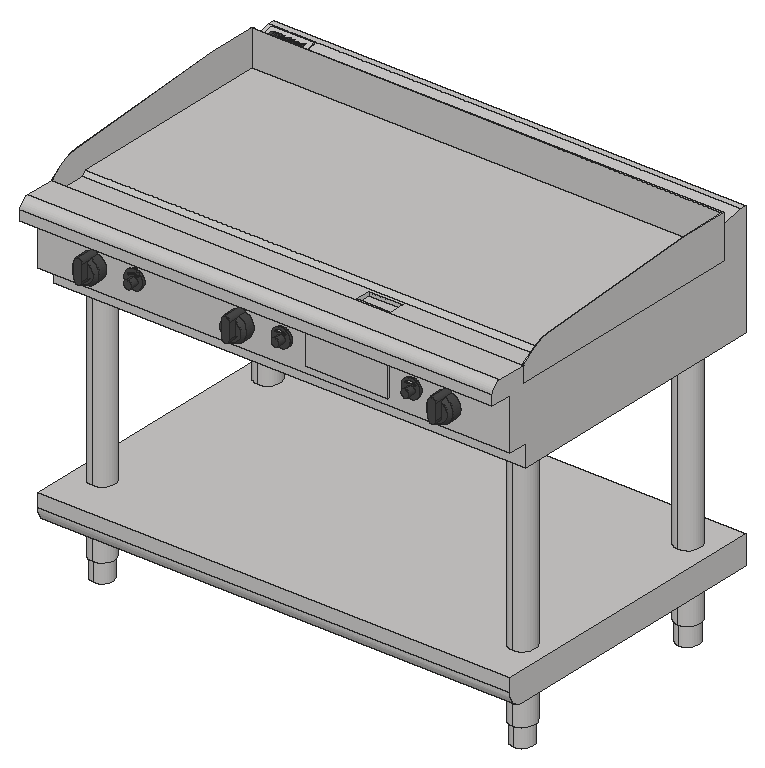
Revit family "QF_MOFFAT WALDORF_GPL8120G-LS", category Specialty Equipment, Revit 2012
Parameters
  Width [instance] = 47.24409"  # constant formula
  Weight in Pounds = 432.1055  # constant formula
  URL Cutsheet = "www.moffat.com"
  URL = "www.moffat.com"
  Type Mark [instance] = ""
  Status [instance] = ""
  Specification by User [instance] = ""
  Specification by Manufacturer = ""
  Show Logo [instance] = yes
  Show Casters [instance] = no
  Serial Number = ""
  Seismic Rating = ""
  SMACNA No = ""
  Revision Code [instance] = ""
  Omniclass Number and Title = ""
  NAFEM Spec ID Number = ""
  Model = "GPL8120G-LS"
  Mechanical Remarks [instance] = ""
  Mechanical Connection Type [instance] = ""
  Masterspec = ""
  Manufacturer = "MOFFAT WALDORF"
  Legs [instance] = not(Show Casters)  # yes
  Item Number [instance] = ""
  Installed By [instance] = ""
  Identify Quantity as Lot [instance] = yes
  Height [instance] = 14.56693"  # constant formula
  Gas Size = 3/4"
  Gas RI Height [instance] = 0"
  Gas KW [instance] = 30
  Gas Input [instance] = 102364.0 Btu/h
  Gas Connection Height = 0"
  Furnished By [instance] = ""
  Foodservice Equipment Identifier [instance] = yes
  Description = "GRIDDLE PLATE LOW SPLASHBACK GAS ON LEG STAND"
  Depth [instance] = 31.69291"  # constant formula
  CSI MasterFormat = ""
  CSI Master Format = ""
  Base Height [instance] = 5.90551"
Reference planes (in)
  plane 1 "BACK": y = 0
  plane 2: z = 0
  plane 3 "LEFT": x = 0
  plane 4 "RIGHT": x = 47.24409
  plane 5 "FRONT": y = -31.69291
  plane 6 "TOP": z = 38.18898
  plane 7 "Center Y": x = 23.62205
  plane 8 "Center X": y = -15.84646
  plane 9 "Base Height": z = 5.90551
  plane 10: x = 2.55906
  plane 11: x = 44.64567
  plane 12: z = 36.02362
  plane 13: z = 25.7874
Forms (in)
  Extrusion 1, solid, material "QF_Finishes_Stainless Steel"
    sketch origin (0, 0, 0) x (0, 1, 0) y (0, 0, 1)
      loop
        line (-31.69291, 35.07874) -> (-31.69291, 34.09449) -> (-29.48819, 34.09449) -> (-29.48819, 28.93701) -> (-27.51969, 28.93701) -> (-27.51969, 26.77165) -> (0, 26.77165) -> (0, 38.18898) -> (-0.64209, 38.18898) -> (-2.46403, 37.70079)
        arc (-2.46403, 37.70079) -> (-2.67661, 37.51737) -> (-2.75591, 37.24803) r 0.4971
        line (-2.75591, 37.24803) -> (-2.75591, 34.44882) -> (-27.75591, 34.44882) -> (-27.75591, 36.02362) -> (-30.74803, 36.02362)
        arc (-30.74803, 36.02362) -> (-31.41616, 35.74687) -> (-31.69291, 35.07874) r 0.94488
      loop
        line (0, 8.75984) -> (-29.48819, 8.75984) -> (-29.48819, 7.40157)
        arc (-29.48819, 7.40157) -> (-29.05, 6.3437) -> (-27.99213, 5.90551) r 1.49606
        line (-27.99213, 5.90551) -> (0, 5.90551) -> (0, 8.75984)
    from 0 to 47.24409
  Extrusion 2, solid, material "QF_Finishes_Stainless Steel"
    sketch origin (27.75591, 0.11811, 3.93701) x (1, 0, 0) y (0, 1, 0)
      loop
        circle (14.33071, -1.37795) r 0.5315
    from 21.85039 to 22.83465
  Revolve 3, solid, material "QF_Finishes_Black"
    sketch origin (5.90551, 0, 23.61706) x (0, 1, 0) y (0, 0, -1)
      loop
        line (-30.7874, -9.03543) -> (-29.88189, -9.03543) -> (-29.88189, -7.95276) -> (-29.48819, -7.95276) -> (-29.48819, -7.75591) -> (-31.22047, -7.75591) -> (-31.22047, -8.80517) -> (-30.7874, -9.03543)
      axis (-31.22047, -7.75591) -> (-29.48819, -7.75591)
    angle from 0 to 360
  Extrusion 4, solid, material "QF_Finishes_Black"
    sketch origin (11.34919, 0, 23.62328) x (-1, 0, 0) y (0, 0, -1)
      loop
        arc (5.83735, -7.28223) -> (5.44365, -6.88853) -> (5.04995, -7.28223) r 0.3937
        line (5.04995, -7.28223) -> (5.04995, -8.81767)
        arc (5.04995, -8.81767) -> (5.44365, -9.21137) -> (5.83735, -8.81767) r 0.3937
        line (5.83735, -8.81767) -> (5.83735, -7.28223)
    from 29.88189 to 31.81102
  Extrusion 5, solid, material "QF_Finishes_Stainless Steel"
    sketch origin (1.68504, -29.48819, 34.09449) x (0, 0, -1) y (1, 0, 0)
      loop
        line (1.04331, 25.19685) -> (4.4685, 25.19685) -> (4.4685, 33.46457) -> (1.04331, 33.46457) -> (1.04331, 25.19685)
    from 0 to 0.09843
  Extrusion 6, solid, material "QF_Finishes_Stainless Steel"
    sketch origin (1.68504, -29.58661, 34.09449) x (0, 0, -1) y (1, 0, 0)
      loop
        line (1.3189, 33.46457) -> (1.04331, 33.46457) -> (1.04331, 25.19685) -> (1.3189, 25.19685) -> (1.3189, 33.46457)
    from 0 to 0.19685
  Extrusion 7, solid, material "QF_Finishes_Black"
    sketch origin (0, -29.48819, 34.09449) x (0, 0, -1) y (1, 0, 0)
      loop
        circle (2.70669, 9.74409) r 0.94488
      loop
        arc (2.31694, 10.33124) -> (2.00055, 9.749) -> (2.30836, 9.16218) r 0.70345
        arc (2.30836, 9.16218) -> (2.32725, 9.15095) -> (2.34753, 9.15943) r 0.02445
        arc (2.34753, 9.15943) -> (2.40409, 9.26016) -> (2.41764, 9.37489) r 0.29507
        arc (2.41764, 9.37489) -> (2.4096, 9.41142) -> (2.39196, 9.44439) r 0.1367
        arc (2.39196, 9.44439) -> (2.30175, 9.73823) -> (2.38559, 10.03395) r 0.54277
        arc (2.38559, 10.03395) -> (2.41079, 10.08392) -> (2.42122, 10.13891) r 0.20083
        arc (2.42122, 10.13891) -> (2.40663, 10.23806) -> (2.35565, 10.32436) r 0.26029
        arc (2.35565, 10.32436) -> (2.33749, 10.33451) -> (2.31694, 10.33124) r 0.03175
    from 0 to 0.19685
  Extrusion 8, solid, material "QF_Finishes_Black"
    sketch origin (0, -29.68504, 34.09449) x (0, 0, -1) y (1, 0, 0)
      loop
        circle (2.84449, 9.74409) r 0.3937
    from 0 to 0.71853
  Revolve 9, solid, material "QF_Finishes_Black"
    sketch origin (41.33858, 0, 23.61706) x (0, 1, 0) y (0, 0, 1)
      loop
        line (-30.7874, 9.03543) -> (-31.22047, 8.80517) -> (-31.22047, 7.75591) -> (-29.48819, 7.75591) -> (-29.48819, 7.95276) -> (-29.88189, 7.95276) -> (-29.88189, 9.03543) -> (-30.7874, 9.03543)
      axis (-31.22047, 7.75591) -> (-29.48819, 7.75591)
    angle from 0 to 360
  Extrusion 10, solid, material "QF_Finishes_Black"
    sketch origin (35.8949, 0, 23.62328) x (1, 0, 0) y (0, 0, 1)
      loop
        line (5.83735, 7.28223) -> (5.83735, 8.81767)
        arc (5.83735, 8.81767) -> (5.44365, 9.21137) -> (5.04995, 8.81767) r 0.3937
        line (5.04995, 8.81767) -> (5.04995, 7.28223)
        arc (5.04995, 7.28223) -> (5.44365, 6.88853) -> (5.83735, 7.28223) r 0.3937
    from 29.88189 to 31.81102
  Extrusion 11, solid, material "QF_Finishes_Black"
    sketch origin (47.24409, -29.48819, 34.09449) x (0, 0, -1) y (1, 0, 0)
      loop
        circle (2.70669, -9.74409) r 0.94488
      loop
        arc (2.31694, -10.33124) -> (2.33749, -10.33451) -> (2.35565, -10.32436) r 0.03175
        arc (2.35565, -10.32436) -> (2.40663, -10.23806) -> (2.42122, -10.13891) r 0.26029
        arc (2.42122, -10.13891) -> (2.41079, -10.08392) -> (2.38559, -10.03395) r 0.20083
        arc (2.38559, -10.03395) -> (2.30175, -9.73823) -> (2.39196, -9.44439) r 0.54277
        arc (2.39196, -9.44439) -> (2.4096, -9.41142) -> (2.41764, -9.37489) r 0.1367
        arc (2.41764, -9.37489) -> (2.40409, -9.26016) -> (2.34753, -9.15943) r 0.29507
        arc (2.34753, -9.15943) -> (2.32725, -9.15095) -> (2.30836, -9.16218) r 0.02445
        arc (2.30836, -9.16218) -> (2.00055, -9.749) -> (2.31694, -10.33124) r 0.70345
    from 0 to 0.19685
  Extrusion 12, solid, material "QF_Finishes_Black"
    sketch origin (47.24409, -29.68504, 34.09449) x (0, 0, -1) y (1, 0, 0)
      loop
        circle (2.84449, -9.74409) r 0.3937
    from 0 to 0.71853
  Revolve 13, solid, material "QF_Finishes_Black"
    sketch origin (20.66929, 0, 23.61706) x (0, 1, 0) y (0, 0, -1)
      loop
        line (-30.7874, -9.03543) -> (-29.88189, -9.03543) -> (-29.88189, -7.95276) -> (-29.48819, -7.95276) -> (-29.48819, -7.75591) -> (-31.22047, -7.75591) -> (-31.22047, -8.80517) -> (-30.7874, -9.03543)
      axis (-31.22047, -7.75591) -> (-29.48819, -7.75591)
    angle from 0 to 360
  Extrusion 14, solid, material "QF_Finishes_Black"
    sketch origin (26.11297, 0, 23.62328) x (-1, 0, 0) y (0, 0, -1)
      loop
        arc (5.83735, -7.28223) -> (5.44365, -6.88853) -> (5.04995, -7.28223) r 0.3937
        line (5.04995, -7.28223) -> (5.04995, -8.81767)
        arc (5.04995, -8.81767) -> (5.44365, -9.21137) -> (5.83735, -8.81767) r 0.3937
        line (5.83735, -8.81767) -> (5.83735, -7.28223)
    from 29.88189 to 31.81102
  Extrusion 15, solid, material "QF_Finishes_Black"
    sketch origin (14.76378, -29.48819, 34.09449) x (0, 0, -1) y (1, 0, 0)
      loop
        circle (2.70669, 9.74409) r 0.94488
      loop
        arc (2.31694, 10.33124) -> (2.00055, 9.749) -> (2.30836, 9.16218) r 0.70345
        arc (2.30836, 9.16218) -> (2.32725, 9.15095) -> (2.34753, 9.15943) r 0.02445
        arc (2.34753, 9.15943) -> (2.40409, 9.26016) -> (2.41764, 9.37489) r 0.29507
        arc (2.41764, 9.37489) -> (2.4096, 9.41142) -> (2.39196, 9.44439) r 0.1367
        arc (2.39196, 9.44439) -> (2.30175, 9.73823) -> (2.38559, 10.03395) r 0.54277
        arc (2.38559, 10.03395) -> (2.41079, 10.08392) -> (2.42122, 10.13891) r 0.20083
        arc (2.42122, 10.13891) -> (2.40663, 10.23806) -> (2.35565, 10.32436) r 0.26029
        arc (2.35565, 10.32436) -> (2.33749, 10.33451) -> (2.31694, 10.33124) r 0.03175
    from 0 to 0.19685
  Extrusion 16, solid, material "QF_Finishes_Black"
    sketch origin (14.76378, -29.68504, 34.09449) x (0, 0, -1) y (1, 0, 0)
      loop
        circle (2.84449, 9.74409) r 0.3937
    from 0 to 0.71853
  Revolve 17, solid, material "QF_Finishes_Stainless Steel", visible <- "Legs"
    sketch origin (44.6063, -8.26772, 0) x (0, 1, 0) y (0, 0, -1)
      loop
        line (3.08071, -5.90551) -> (4.33071, -5.90551) -> (4.33071, 0) -> (3.24803, 0) -> (3.24803, -1.9685) -> (3.08071, -1.9685) -> (3.08071, -5.90551)
      axis (4.33071, -5.90551) -> (4.33071, 0)
    angle from 0 to 360
  Revolve 18, solid, material "QF_Finishes_Stainless Steel"
    sketch origin (44.6063, -28.93701, 0) x (0, 1, 0) y (0, 0, -1)
      loop
        line (3.08071, -5.90551) -> (4.33071, -5.90551) -> (4.33071, 0) -> (3.24803, 0) -> (3.24803, -1.9685) -> (3.08071, -1.9685) -> (3.08071, -5.90551)
      axis (4.33071, -5.90551) -> (4.33071, 0)
    angle from 0 to 360
  Revolve 19, solid, material "QF_Finishes_Stainless Steel", visible <- "Legs"
    sketch origin (2.55906, -8.26772, 0) x (0, 1, 0) y (0, 0, -1)
      loop
        line (3.08071, -5.90551) -> (4.33071, -5.90551) -> (4.33071, 0) -> (3.24803, 0) -> (3.24803, -1.9685) -> (3.08071, -1.9685) -> (3.08071, -5.90551)
      axis (4.33071, -5.90551) -> (4.33071, 0)
    angle from 0 to 360
  Revolve 20, solid, material "QF_Finishes_Stainless Steel"
    sketch origin (2.55906, -28.93701, 0) x (0, 1, 0) y (0, 0, -1)
      loop
        line (3.08071, -5.90551) -> (4.33071, -5.90551) -> (4.33071, 0) -> (3.24803, 0) -> (3.24803, -1.9685) -> (3.08071, -1.9685) -> (3.08071, -5.90551)
      axis (4.33071, -5.90551) -> (4.33071, 0)
    angle from 0 to 360
  Extrusion 21, solid, material "QF_Finishes_Stainless Steel"
    sketch origin (0, -27.51969, 8.75984) x (0, -1, 0) y (1, 0, 0)
      loop
        circle (-23.58268, 2.55906) r 1.25
      loop
        circle (-2.91339, 2.55906) r 1.25
      loop
        circle (-23.58268, 44.61122) r 1.25
      loop
        circle (-2.91339, 44.59892) r 1.25
    from 0 to 18.01181
Lines and regions (in)
  Split face 1
    outline origin (0, -2.46403, 37.70079) x (0, 0.965926, 0.258819) y (-1, 0, 0)
      loop
        line (1.69522, -6.08514) -> (0.4829, -6.08514) -> (0.4829, -6.87254) -> (1.69522, -6.87254) -> (1.69522, -6.08514)
  Split face 2
    outline origin (1.9685, -2.46403, 37.70079) x (0, 0.965926, 0.258819) y (-1, 0, 0)
      loop
        line (1.69522, -6.08514) -> (0.4829, -6.08514) -> (0.4829, -6.87254) -> (1.69522, -6.87254) -> (1.69522, -6.08514)
  Split face 3
    outline origin (3.93701, -2.46403, 37.70079) x (0, 0.965926, 0.258819) y (-1, 0, 0)
      loop
        line (1.69522, -6.08514) -> (0.4829, -6.08514) -> (0.4829, -6.87254) -> (1.69522, -6.87254) -> (1.69522, -6.08514)
  Split face 4
    outline origin (5.90551, -2.46403, 37.70079) x (0, 0.965926, 0.258819) y (-1, 0, 0)
      loop
        line (1.69522, -6.08514) -> (0.4829, -6.08514) -> (0.4829, -6.87254) -> (1.69522, -6.87254) -> (1.69522, -6.08514)
  Split face 5
    outline origin (7.87402, -2.46403, 37.70079) x (0, 0.965926, 0.258819) y (-1, 0, 0)
      loop
        line (1.69522, -6.08514) -> (0.4829, -6.08514) -> (0.4829, -6.87254) -> (1.69522, -6.87254) -> (1.69522, -6.08514)
  Split face 6
    outline origin (9.84252, -2.46403, 37.70079) x (0, 0.965926, 0.258819) y (-1, 0, 0)
      loop
        line (1.69522, -6.08514) -> (0.4829, -6.08514) -> (0.4829, -6.87254) -> (1.69522, -6.87254) -> (1.69522, -6.08514)
  Split face 7
    outline origin (11.90848, -2.46403, 37.70079) x (0, 0.965926, 0.258819) y (-1, 0, 0)
      loop
        line (1.69522, -6.08514) -> (0.4829, -6.08514) -> (0.4829, -6.87254) -> (1.69522, -6.87254) -> (1.69522, -6.08514)
  Split face 8
    outline origin (13.87698, -2.46403, 37.70079) x (0, 0.965926, 0.258819) y (-1, 0, 0)
      loop
        line (1.69522, -6.08514) -> (0.4829, -6.08514) -> (0.4829, -6.87254) -> (1.69522, -6.87254) -> (1.69522, -6.08514)
  Split face 9
    outline origin (15.84549, -2.46403, 37.70079) x (0, 0.965926, 0.258819) y (-1, 0, 0)
      loop
        line (1.69522, -6.08514) -> (0.4829, -6.08514) -> (0.4829, -6.87254) -> (1.69522, -6.87254) -> (1.69522, -6.08514)
  Split face 10
    outline origin (17.81399, -2.46403, 37.70079) x (0, 0.965926, 0.258819) y (-1, 0, 0)
      loop
        line (1.69522, -6.08514) -> (0.4829, -6.08514) -> (0.4829, -6.87254) -> (1.69522, -6.87254) -> (1.69522, -6.08514)
  Split face 11
    outline origin (19.7825, -2.46403, 37.70079) x (0, 0.965926, 0.258819) y (-1, 0, 0)
      loop
        line (1.69522, -6.08514) -> (0.4829, -6.08514) -> (0.4829, -6.87254) -> (1.69522, -6.87254) -> (1.69522, -6.08514)
  Split face 12
    outline origin (21.751, -2.46403, 37.70079) x (0, 0.965926, 0.258819) y (-1, 0, 0)
      loop
        line (1.69522, -6.08514) -> (0.4829, -6.08514) -> (0.4829, -6.87254) -> (1.69522, -6.87254) -> (1.69522, -6.08514)
  Split face 13
    outline origin (23.72258, -2.46403, 37.70079) x (0, 0.965926, 0.258819) y (-1, 0, 0)
      loop
        line (1.69522, -6.08514) -> (0.4829, -6.08514) -> (0.4829, -6.87254) -> (1.69522, -6.87254) -> (1.69522, -6.08514)
  Split face 14
    outline origin (25.71984, -2.46403, 37.70079) x (0, 0.965926, 0.258819) y (-1, 0, 0)
      loop
        line (1.69522, -6.08514) -> (0.4829, -6.08514) -> (0.4829, -6.87254) -> (1.69522, -6.87254) -> (1.69522, -6.08514)
  Split face 15
    outline origin (27.68835, -2.46403, 37.70079) x (0, 0.965926, 0.258819) y (-1, 0, 0)
      loop
        line (1.69522, -6.08514) -> (0.4829, -6.08514) -> (0.4829, -6.87254) -> (1.69522, -6.87254) -> (1.69522, -6.08514)
  symbolic lines, visible <- "Show Logo"
    curve 1: line (0.49213, -2.13534, 0) -> (0.49213, -0.83067, 0)
    curve 2: line (4.78346, -0.83067, 0) -> (4.78346, -2.13534, 0)
    curve 3: line (0.49213, -0.83067, 0) -> (4.78346, -0.83067, 0)
    curve 4: line (0.49213, -2.13534, 0) -> (4.78346, -2.13534, 0)
  symbolic lines
    curve 5: line (6.08514, -1.99931, 0) -> (6.08514, -0.82613, 0)
    curve 6: line (6.08514, -0.82613, 0) -> (6.87254, -0.82613, 0)
    curve 7: line (6.87254, -0.82613, 0) -> (6.87254, -1.99931, 0)
    curve 8: line (6.87254, -1.99931, 0) -> (6.08514, -1.99931, 0)
    curve 9: line (8.05364, -0.82613, 0) -> (8.05364, -1.99931, 0)
    curve 10: line (8.05364, -1.99931, 0) -> (8.84104, -1.99931, 0)
    curve 11: line (8.84104, -1.99931, 0) -> (8.84104, -0.82613, 0)
    curve 12: line (8.84104, -0.82613, 0) -> (8.05364, -0.82613, 0)
    curve 13: line (10.02215, -0.82613, 0) -> (10.02215, -1.99931, 0)
    curve 14: line (10.02215, -1.99931, 0) -> (10.80955, -1.99931, 0)
    curve 15: line (10.80955, -1.99931, 0) -> (10.80955, -0.82613, 0)
    curve 16: line (10.80955, -0.82613, 0) -> (10.02215, -0.82613, 0)
    curve 17: line (0, -31.69291, 0) -> (47.24409, -31.69291, 0)
    curve 18: line (0, 0, 0) -> (0, -31.69291, 0)
    curve 19: line (47.24409, 0, 0) -> (0, 0, 0)
    curve 20: line (0, -2.75591, 0) -> (47.24409, -2.75591, 0)
    curve 21: line (47.24409, -27.75591, 0) -> (0, -27.75591, 0)
    curve 22: line (11.99065, -0.82613, 0) -> (11.99065, -1.99931, 0)
    curve 23: line (11.99065, -1.99931, 0) -> (12.77805, -1.99931, 0)
    curve 24: line (12.77805, -1.99931, 0) -> (12.77805, -0.82613, 0)
    curve 25: line (12.77805, -0.82613, 0) -> (11.99065, -0.82613, 0)
    curve 26: line (13.95915, -0.82613, 0) -> (13.95915, -1.99931, 0)
    curve 27: line (13.95915, -1.99931, 0) -> (14.74656, -1.99931, 0)
    curve 28: line (14.74656, -1.99931, 0) -> (14.74656, -0.82613, 0)
    curve 29: line (14.74656, -0.82613, 0) -> (13.95915, -0.82613, 0)
    curve 30: line (15.92766, -0.82613, 0) -> (15.92766, -1.99931, 0)
    curve 31: line (15.92766, -1.99931, 0) -> (16.71506, -1.99931, 0)
    curve 32: line (16.71506, -1.99931, 0) -> (16.71506, -0.82613, 0)
    curve 33: line (16.71506, -0.82613, 0) -> (15.92766, -0.82613, 0)
    curve 34: line (17.99459, -0.82613, 0) -> (17.99459, -1.99931, 0)
    curve 35: line (17.99459, -1.99931, 0) -> (18.78199, -1.99931, 0)
    curve 36: line (18.78199, -1.99931, 0) -> (18.78199, -0.82613, 0)
    curve 37: line (18.78199, -0.82613, 0) -> (17.99459, -0.82613, 0)
    curve 38: line (19.96309, -0.82613, 0) -> (19.96309, -1.99931, 0)
    curve 39: line (19.96309, -1.99931, 0) -> (20.75049, -1.99931, 0)
    curve 40: line (20.75049, -1.99931, 0) -> (20.75049, -0.82613, 0)
    curve 41: line (20.75049, -0.82613, 0) -> (19.96309, -0.82613, 0)
    curve 42: line (21.93159, -1.99931, 0) -> (22.719, -1.99931, 0)
    curve 43: line (22.719, -1.99931, 0) -> (22.719, -0.82613, 0)
    curve 44: line (22.719, -0.82613, 0) -> (21.93159, -0.82613, 0)
    curve 45: line (21.93159, -0.82613, 0) -> (21.93159, -1.99931, 0)
    curve 46: line (23.9001, -1.99931, 0) -> (24.6875, -1.99931, 0)
    curve 47: line (24.6875, -1.99931, 0) -> (24.6875, -0.82613, 0)
    curve 48: line (24.6875, -0.82613, 0) -> (23.9001, -0.82613, 0)
    curve 49: line (23.9001, -0.82613, 0) -> (23.9001, -1.99931, 0)
    curve 50: line (26.656, -1.99931, 0) -> (25.8686, -1.99931, 0)
    curve 51: line (25.8686, -1.99931, 0) -> (25.8686, -0.82613, 0)
    curve 52: line (25.8686, -0.82613, 0) -> (26.656, -0.82613, 0)
    curve 53: line (26.656, -0.82613, 0) -> (26.656, -1.99931, 0)
    curve 54: line (27.83711, -1.99931, 0) -> (28.62451, -1.99931, 0)
    curve 55: line (28.62451, -1.99931, 0) -> (28.62451, -0.82613, 0)
    curve 56: line (28.62451, -0.82613, 0) -> (27.83711, -0.82613, 0)
    curve 57: line (27.83711, -0.82613, 0) -> (27.83711, -1.99931, 0)
    curve 58: line (29.80561, -1.99931, 0) -> (30.59301, -1.99931, 0)
    curve 59: line (30.59301, -1.99931, 0) -> (30.59301, -0.82613, 0)
    curve 60: line (30.59301, -0.82613, 0) -> (29.80561, -0.82613, 0)
    curve 61: line (29.80561, -0.82613, 0) -> (29.80561, -1.99931, 0)
    curve 62: line (31.80356, -1.99931, 0) -> (32.59096, -1.99931, 0)
    curve 63: line (32.59096, -1.99931, 0) -> (32.59096, -0.82613, 0)
    curve 64: line (32.59096, -0.82613, 0) -> (31.80356, -0.82613, 0)
    curve 65: line (31.80356, -0.82613, 0) -> (31.80356, -1.99931, 0)
    curve 66: line (33.77207, -1.99931, 0) -> (34.55947, -1.99931, 0)
    curve 67: line (34.55947, -1.99931, 0) -> (34.55947, -0.82613, 0)
    curve 68: line (34.55947, -0.82613, 0) -> (33.77207, -0.82613, 0)
    curve 69: line (33.77207, -0.82613, 0) -> (33.77207, -1.99931, 0)
    curve 70: line (47.24409, -31.69291, 0) -> (47.24409, 0, 0)
Dimensions and locks (in)
  equal spacing: plane 3 "LEFT", plane 7 "Center Y", plane 4 "RIGHT"
  "Width": plane 3 "LEFT" to plane 4 "RIGHT"
  equal spacing: plane 5 "FRONT", plane 8 "Center X", plane 1 "BACK"
  "Depth": plane 5 "FRONT" to plane 1 "BACK"
  "Base Height": plane 9 "Base Height" to level
  plane 11 to plane 10 = 42.08661"
  plane 6 "TOP" to level = 38.18898"
  plane 12 to level = 36.02362"
  plane 13 to level = 25.7874"
  aligned and locked: level to plane 2
Automatic sketch dimensions
  plane 1 "BACK" to curve 18 = 0"
  curve 18 to plane 3 "LEFT" = 0"
  curve 20 to plane 4 "RIGHT" = 0"
  plane 5 "FRONT" to curve 70 = 0"
  plane 3 "LEFT" to curve 1 = 0.49213"
  plane 1 "BACK" to curve 2 = 0.83067"
  plane 10 to curve 2 = 2.22441"
  curve 2 to curve 6 = 1.30167"
  curve 5 to curve 7 = 0.7874"
  curve 6 to curve 9 = 1.1811"
  curve 9 to curve 10 = 0.7874"
  curve 10 to curve 13 = 1.1811"
  curve 13 to curve 15 = 0.7874"
  curve 14 to curve 22 = 1.1811"
  curve 22 to curve 24 = 0.7874"
  curve 23 to curve 26 = 1.1811"
  curve 26 to curve 29 = 0.7874"
  curve 28 to curve 33 = 1.1811"
  curve 30 to curve 32 = 0.7874"
  curve 31 to curve 35 = 1.27953"
  curve 34 to curve 37 = 0.7874"
  curve 35 to curve 39 = 1.1811"
  curve 38 to curve 40 = 0.7874"
  curve 39 to curve 45 = 1.1811"
  curve 44 to curve 44 = 0.7874"
  plane 7 "Center Y" to curve 49 = 0.27805"
  curve 48 to curve 48 = 0.7874"
  curve 46 to curve 50 = 1.1811"
  curve 51 to curve 52 = 0.7874"
  curve 52 to curve 56 = 1.1811"
  curve 56 to curve 56 = 0.7874"
  curve 54 to curve 61 = 1.1811"
  curve 60 to curve 60 = 0.7874"
  curve 59 to curve 65 = 1.21055"
  curve 64 to curve 64 = 0.7874"
  curve 62 to curve 69 = 1.1811"
  curve 66 to curve 66 = 0.7874"
  curve 21 to plane 5 "FRONT" = 3.93701"
  curve 20 to curve 19 = 2.75591"
  curve 2 to curve 2 = 1 39/128"
  plane 1 "BACK" to curve 62 = 1.99931"
  plane 1 "BACK" to curve 7 = 1.99931"
  curve 7 to curve 9 = 0"
  curve 59 to curve 62 = 0"
  curve 10 to curve 13 = 0"
  curve 57 to curve 58 = 0"
  curve 62 to curve 66 = 0"
  curve 53 to curve 54 = 0"
  curve 14 to curve 22 = 0"
  curve 49 to curve 50 = 0"
  curve 23 to curve 26 = 0"
  curve 45 to curve 46 = 0"
  curve 27 to curve 30 = 0"
  curve 40 to curve 42 = 0"
  curve 31 to curve 34 = 0"
  plane 1 "BACK" to curve 34 = 0.82613"
  plane 1 "BACK" to curve 33 = 0.82613"
  plane 1 "BACK" to curve 40 = 0.82613"
  plane 1 "BACK" to curve 29 = 0.82613"
  plane 1 "BACK" to curve 43 = 0.82613"
  plane 1 "BACK" to curve 25 = 0.82613"
  plane 1 "BACK" to curve 47 = 0.82613"
  plane 1 "BACK" to curve 51 = 0.82613"
  plane 1 "BACK" to curve 69 = 0.82613"
  plane 1 "BACK" to curve 16 = 0.82613"
  plane 1 "BACK" to curve 55 = 0.82613"
  plane 1 "BACK" to curve 12 = 0.82613"
  plane 1 "BACK" to curve 59 = 0.82613"
  plane 1 "BACK" to curve 7 = 0.82613"
  plane 1 "BACK" to curve 63 = 0.82613"
  Extrusion 1 sketch curve to plane 5 "FRONT" = 0"
  Extrusion 1 sketch curve to plane 12 = 0"
  Extrusion 1 sketch curve to plane 9 "Base Height" = 0"
  Extrusion 1 sketch curve to plane 6 "TOP" = 0"
  Extrusion 1 sketch curve to plane 1 "BACK" = 0"  (x2)
  Extrusion 1 sketch curve to plane 5 "FRONT" = 0.94488"
  Extrusion 1 sketch curve to plane 5 "FRONT" = 2.20472"  (x2)
  Extrusion 1 sketch curve to Extrusion 1 sketch curve = 1.49606"
  Extrusion 1 sketch curve to Extrusion 1 sketch curve = 1.73228"
  Extrusion 1 sketch curve to Extrusion 1 sketch curve = 1.9685"
  plane 1 "BACK" to Extrusion 1 sketch curve = 2.75591"
  Extrusion 1 sketch curve to Extrusion 1 sketch curve = 0.29187"
  Extrusion 1 sketch curve to Extrusion 1 sketch curve = 0.4971"
  plane 1 "BACK" to Extrusion 1 sketch curve = 0.64209"
  plane 9 "Base Height" to Extrusion 1 sketch curve = 2.85433"
  plane 13 to Extrusion 1 sketch curve = 0.98425"
  Extrusion 1 sketch curve to Extrusion 1 sketch curve = 2.16535"
  Extrusion 1 sketch curve to Extrusion 1 sketch curve = 0.98425"
  Extrusion 1 sketch curve to plane 12 = 1.5748"
  Extrusion 1 sketch curve to plane 6 "TOP" = 0.94094"
  plane 1 "BACK" to Extrusion 2 sketch curve = 1.25984"
  plane 11 to Extrusion 2 sketch curve = 2.55906"
  Revolve 3 sketch curve to plane 5 "FRONT" = 0.47244"
  Revolve 3 sketch curve to Revolve 3 sketch curve = 0"  (x2)
  Revolve 3 sketch curve to Revolve 3 sketch curve = 0.43307"
  Revolve 3 sketch curve to Revolve 3 sketch curve = 1/2"
  Revolve 3 sketch curve to Revolve 3 sketch curve = 0.90551"
  Revolve 3 sketch curve to Revolve 3 sketch curve = 0.3937"
  Revolve 3 sketch curve to plane 12 = 3.37112"
  Revolve 3 sketch curve to Revolve 3 sketch curve = 0.23027"
  Revolve 3 sketch curve to Revolve 3 sketch curve = 1.08268"
  Revolve 3 sketch curve to Revolve 3 sketch curve = 0.19685"
  plane 10 to Extrusion 4 sketch curve = 3.74019"
  Extrusion 4 sketch curve to Extrusion 4 sketch curve = 0.3937"
  Extrusion 4 sketch curve to plane 12 = 3.58268"
  Extrusion 4 sketch curve to Extrusion 4 sketch curve = 1.53543"
  Extrusion 1 to Extrusion 5 sketch curve = 1.04331"
  Extrusion 5 sketch curve to Extrusion 1 = 0.68898"
  Extrusion 1 to Extrusion 5 sketch curve = 20.3622"
  Extrusion 5 sketch curve to Extrusion 5 sketch curve = 8.26772"
  Extrusion 6 sketch curve to Extrusion 5 = 0"  (x2)
  Extrusion 5 to Extrusion 6 sketch curve = 0"
  Extrusion 6 sketch curve to Extrusion 6 sketch curve = 0.27559"
  Extrusion 1 to Extrusion 7 sketch curve = 2.1235"
  Extrusion 7 sketch curve to Extrusion 7 sketch curve = 0.03772"
  Extrusion 7 sketch curve to Extrusion 7 sketch curve = 0.0594"
  Extrusion 7 sketch curve to Extrusion 7 sketch curve = 0.15788"
  Extrusion 7 sketch curve to Extrusion 7 sketch curve = 0.02698"
  Extrusion 7 sketch curve to Extrusion 7 sketch curve = 0.09632"
  Extrusion 7 sketch curve to Extrusion 7 sketch curve = 0.02061"
  Extrusion 7 sketch curve to Extrusion 7 sketch curve = 0.015"
  Extrusion 7 sketch curve to Extrusion 7 sketch curve = 0.01857"
  Extrusion 7 sketch curve to Extrusion 7 sketch curve = 0"  (x5)
  Extrusion 7 sketch curve to Extrusion 7 sketch curve = 0.02372"
  Extrusion 7 sketch curve to Extrusion 7 sketch curve = 0.16497"
  Extrusion 7 sketch curve to Extrusion 7 sketch curve = 0.11058"
  Extrusion 7 sketch curve to Extrusion 7 sketch curve = 0.02568"
  Extrusion 7 sketch curve to Extrusion 7 sketch curve = 0.03563"
  Extrusion 7 sketch curve to Extrusion 7 sketch curve = 0.31839"
  Extrusion 7 sketch curve to Extrusion 7 sketch curve = 0.00271"
  Extrusion 7 sketch curve to Extrusion 7 sketch curve = 0.1378"
  Extrusion 1 to Extrusion 7 sketch curve = 9.15943"
  Extrusion 7 sketch curve to Extrusion 7 sketch curve = 0.00276"
  Extrusion 7 sketch curve to Extrusion 7 sketch curve = 0.29944"
  Extrusion 7 sketch curve to Extrusion 7 sketch curve = 0.00026"
  Revolve 9 sketch curve to plane 5 "FRONT" = 0.47244"
  Revolve 9 sketch curve to Revolve 9 sketch curve = 0"  (x2)
  Revolve 9 sketch curve to Revolve 9 sketch curve = 0.43307"
  Revolve 9 sketch curve to Revolve 9 sketch curve = 1/2"
  Revolve 9 sketch curve to Revolve 9 sketch curve = 0.90551"
  Revolve 9 sketch curve to Revolve 9 sketch curve = 0.3937"
  Revolve 9 sketch curve to plane 12 = 4.65065"
  Revolve 9 sketch curve to Revolve 9 sketch curve = 0.19685"
  Revolve 9 sketch curve to Revolve 9 sketch curve = 1.04926"
  Revolve 9 sketch curve to Revolve 9 sketch curve = 0.23027"
  plane 11 to Extrusion 10 sketch curve = 3.70082"
  Extrusion 10 sketch curve to Extrusion 10 sketch curve = 0.3937"
  Extrusion 10 sketch curve to plane 12 = 5.11811"
  Extrusion 10 sketch curve to Extrusion 10 sketch curve = 1.53543"
  Extrusion 1 to Extrusion 11 sketch curve = 2.1235"
  Extrusion 11 sketch curve to Extrusion 11 sketch curve = 0.03772"
  Extrusion 11 sketch curve to Extrusion 11 sketch curve = 0.0594"
  Extrusion 11 sketch curve to Extrusion 11 sketch curve = 0.15788"
  Extrusion 11 sketch curve to Extrusion 11 sketch curve = 0.02698"
  Extrusion 11 sketch curve to Extrusion 11 sketch curve = 0.09632"
  Extrusion 11 sketch curve to Extrusion 11 sketch curve = 0.02061"
  Extrusion 11 sketch curve to Extrusion 11 sketch curve = 0.015"
  Extrusion 11 sketch curve to Extrusion 11 sketch curve = 0.01857"
  Extrusion 11 sketch curve to Extrusion 11 sketch curve = 0"  (x5)
  Extrusion 11 sketch curve to Extrusion 11 sketch curve = 0.02372"
  Extrusion 11 sketch curve to Extrusion 11 sketch curve = 0.16497"
  Extrusion 11 sketch curve to Extrusion 11 sketch curve = 0.11058"
  Extrusion 11 sketch curve to Extrusion 11 sketch curve = 0.02568"
  Extrusion 11 sketch curve to Extrusion 11 sketch curve = 0.03563"
  Extrusion 11 sketch curve to Extrusion 11 sketch curve = 0.31839"
  Extrusion 11 sketch curve to Extrusion 11 sketch curve = 0.00271"
  Extrusion 11 sketch curve to Extrusion 11 sketch curve = 0.1378"
  Extrusion 1 to Extrusion 11 sketch curve = 10.33124"
  Extrusion 11 sketch curve to Extrusion 11 sketch curve = 0.00688"
  Extrusion 11 sketch curve to Extrusion 11 sketch curve = 0.28986"
  Extrusion 11 sketch curve to Extrusion 11 sketch curve = 0.00026"
  Revolve 13 sketch curve to plane 5 "FRONT" = 0.47244"
  Revolve 13 sketch curve to Revolve 13 sketch curve = 0"  (x2)
  Revolve 13 sketch curve to Revolve 13 sketch curve = 0.43307"
  Revolve 13 sketch curve to Revolve 13 sketch curve = 1/2"
  Revolve 13 sketch curve to Revolve 13 sketch curve = 0.90551"
  Revolve 13 sketch curve to Revolve 13 sketch curve = 0.3937"
  Revolve 13 sketch curve to plane 12 = 3.37112"
  Revolve 13 sketch curve to Revolve 13 sketch curve = 0.23027"
  Revolve 13 sketch curve to Revolve 13 sketch curve = 1.08268"
  Revolve 13 sketch curve to Revolve 13 sketch curve = 0.19685"
  Extrusion 14 sketch curve to plane 7 "Center Y" = 2.55903"
  Extrusion 14 sketch curve to Extrusion 14 sketch curve = 0.3937"
  Extrusion 14 sketch curve to plane 12 = 3.58268"
  Extrusion 14 sketch curve to Extrusion 14 sketch curve = 1.53543"
  Extrusion 1 to Extrusion 15 sketch curve = 2.1235"
  Extrusion 15 sketch curve to Extrusion 15 sketch curve = 0.03772"
  Extrusion 15 sketch curve to Extrusion 15 sketch curve = 0.0594"
  Extrusion 15 sketch curve to Extrusion 15 sketch curve = 0.15788"
  Extrusion 15 sketch curve to Extrusion 15 sketch curve = 0.02698"
  Extrusion 15 sketch curve to Extrusion 15 sketch curve = 0.09632"
  Extrusion 15 sketch curve to Extrusion 15 sketch curve = 0.02061"
  Extrusion 15 sketch curve to Extrusion 15 sketch curve = 0.015"
  Extrusion 15 sketch curve to Extrusion 15 sketch curve = 0.01857"
  Extrusion 15 sketch curve to Extrusion 15 sketch curve = 0"  (x5)
  Extrusion 15 sketch curve to Extrusion 15 sketch curve = 0.02372"
  Extrusion 15 sketch curve to Extrusion 15 sketch curve = 0.16497"
  Extrusion 15 sketch curve to Extrusion 15 sketch curve = 0.11058"
  Extrusion 15 sketch curve to Extrusion 15 sketch curve = 0.02568"
  Extrusion 15 sketch curve to Extrusion 15 sketch curve = 0.03563"
  Extrusion 15 sketch curve to Extrusion 15 sketch curve = 0.31839"
  Extrusion 15 sketch curve to Extrusion 15 sketch curve = 0.00271"
  Extrusion 15 sketch curve to Extrusion 15 sketch curve = 0.1378"
  Extrusion 1 to Extrusion 15 sketch curve = 23.32089"
  Extrusion 15 sketch curve to Extrusion 15 sketch curve = 0.00276"
  Extrusion 15 sketch curve to Extrusion 15 sketch curve = 0.29944"
  Extrusion 15 sketch curve to Extrusion 15 sketch curve = 0.00026"
  Revolve 17 sketch curve to plane 9 "Base Height" = 0"
  Revolve 17 sketch curve to level = 0"
  level to Revolve 17 sketch curve = 1.9685"
  plane 1 "BACK" to Revolve 17 sketch curve = 5.18701"
  Revolve 17 sketch curve to Revolve 17 sketch curve = 0.16732"
  Revolve 17 sketch curve to Revolve 17 sketch curve = 1.08268"  (x2)
  Revolve 17 sketch curve to Revolve 17 sketch curve = 0"
  Revolve 17 sketch curve to Revolve 17 sketch curve = 2.16535"
  Revolve 18 sketch curve to plane 9 "Base Height" = 0"
  Revolve 18 sketch curve to level = 0"
  level to Revolve 18 sketch curve = 1.9685"
  Revolve 18 sketch curve to plane 5 "FRONT" = 5.83661"
  Revolve 18 sketch curve to Revolve 18 sketch curve = 0.16732"
  Revolve 18 sketch curve to Revolve 18 sketch curve = 1.08268"  (x2)
  Revolve 18 sketch curve to Revolve 18 sketch curve = 0"
  Revolve 18 sketch curve to Revolve 18 sketch curve = 2.16535"
  Revolve 19 sketch curve to plane 9 "Base Height" = 0"
  Revolve 19 sketch curve to level = 0"
  level to Revolve 19 sketch curve = 1.9685"
  plane 1 "BACK" to Revolve 19 sketch curve = 5.18701"
  Revolve 19 sketch curve to Revolve 19 sketch curve = 0.16732"
  Revolve 19 sketch curve to Revolve 19 sketch curve = 1.08268"  (x2)
  Revolve 19 sketch curve to Revolve 19 sketch curve = 0"
  Revolve 19 sketch curve to Revolve 19 sketch curve = 2.16535"
  Revolve 20 sketch curve to plane 9 "Base Height" = 0"
  Revolve 20 sketch curve to level = 0"
  level to Revolve 20 sketch curve = 1.9685"
  Revolve 20 sketch curve to plane 5 "FRONT" = 5.83661"
  Revolve 20 sketch curve to Revolve 20 sketch curve = 0.16732"
  Revolve 20 sketch curve to Revolve 20 sketch curve = 1.08268"  (x2)
  Revolve 20 sketch curve to Revolve 20 sketch curve = 0"
  Revolve 20 sketch curve to Revolve 20 sketch curve = 2.16535"
  Extrusion 1 to Extrusion 21 sketch curve = 3.93701"  (x2)
  Extrusion 1 to Extrusion 21 sketch curve = 4.88189"  (x2)
  Extrusion 1 to Extrusion 21 sketch curve = 2.55906"  (x2)
  Extrusion 1 to Extrusion 21 sketch curve = 2.64518"
  Extrusion 1 to Extrusion 21 sketch curve = 2.63287"
  Extrusion 1 to Split face 1 sketch curve = 0.4829"
  Extrusion 1 to Split face 1 sketch curve = 0.191"
  Split face 1 sketch curve to Extrusion 1 = 6.87254"
  Split face 1 sketch curve to Split face 1 sketch curve = 0.7874"
  Extrusion 1 to Split face 2 sketch curve = 0.4829"
  Extrusion 1 to Split face 2 sketch curve = 0.191"
  Split face 2 sketch curve to Extrusion 1 = 8.84104"
  Split face 2 sketch curve to Split face 2 sketch curve = 0.7874"
  Extrusion 1 to Split face 3 sketch curve = 0.4829"
  Extrusion 1 to Split face 3 sketch curve = 0.191"
  Split face 3 sketch curve to Extrusion 1 = 10.80955"
  Split face 3 sketch curve to Split face 3 sketch curve = 0.7874"
  Extrusion 1 to Split face 4 sketch curve = 0.4829"
  Extrusion 1 to Split face 4 sketch curve = 0.191"
  Split face 4 sketch curve to Extrusion 1 = 12.77805"
  Split face 4 sketch curve to Split face 4 sketch curve = 0.7874"
  Extrusion 1 to Split face 5 sketch curve = 0.4829"
  Extrusion 1 to Split face 5 sketch curve = 0.191"
  Split face 5 sketch curve to Extrusion 1 = 14.74656"
  Split face 5 sketch curve to Split face 5 sketch curve = 0.7874"
  Extrusion 1 to Split face 6 sketch curve = 0.4829"
  Extrusion 1 to Split face 6 sketch curve = 0.191"
  Split face 6 sketch curve to Extrusion 1 = 16.71506"
  Split face 6 sketch curve to Split face 6 sketch curve = 0.7874"
  Extrusion 1 to Split face 7 sketch curve = 0.4829"
  Extrusion 1 to Split face 7 sketch curve = 0.191"
  Split face 7 sketch curve to Extrusion 1 = 18.78102"
  Split face 7 sketch curve to Split face 7 sketch curve = 0.7874"
  Extrusion 1 to Split face 8 sketch curve = 0.4829"
  Extrusion 1 to Split face 8 sketch curve = 0.191"
  Split face 8 sketch curve to Extrusion 1 = 20.74952"
  Split face 8 sketch curve to Split face 8 sketch curve = 0.7874"
  Extrusion 1 to Split face 9 sketch curve = 0.4829"
  Extrusion 1 to Split face 9 sketch curve = 0.191"
  Split face 9 sketch curve to Extrusion 1 = 22.71803"
  Split face 9 sketch curve to Split face 9 sketch curve = 0.7874"
  Extrusion 1 to Split face 10 sketch curve = 0.4829"
  Extrusion 1 to Split face 10 sketch curve = 0.191"
  Split face 10 sketch curve to Extrusion 1 = 22.55756"
  Split face 10 sketch curve to Split face 10 sketch curve = 0.7874"
  Extrusion 1 to Split face 11 sketch curve = 0.4829"
  Extrusion 1 to Split face 11 sketch curve = 0.191"
  Split face 11 sketch curve to Extrusion 1 = 20.58906"
  Split face 11 sketch curve to Split face 11 sketch curve = 0.7874"
  Extrusion 1 to Split face 12 sketch curve = 0.4829"
  Extrusion 1 to Split face 12 sketch curve = 0.191"
  Split face 12 sketch curve to Extrusion 1 = 18.62056"
  Split face 12 sketch curve to Split face 12 sketch curve = 0.7874"
  Extrusion 1 to Split face 13 sketch curve = 0.4829"
  Extrusion 1 to Split face 13 sketch curve = 0.191"
  Split face 13 sketch curve to Extrusion 1 = 16.64898"
  Split face 13 sketch curve to Split face 13 sketch curve = 0.7874"
  Extrusion 1 to Split face 14 sketch curve = 0.4829"
  Extrusion 1 to Split face 14 sketch curve = 0.191"
  Split face 14 sketch curve to Extrusion 1 = 14.65171"
  Split face 14 sketch curve to Split face 14 sketch curve = 0.7874"
  Extrusion 1 to Split face 15 sketch curve = 0.4829"
  Extrusion 1 to Split face 15 sketch curve = 0.191"
  Split face 15 sketch curve to Extrusion 1 = 12.68321"
  Split face 15 sketch curve to Split face 15 sketch curve = 0.7874"
  radius of Extrusion 2 sketch curve = 0.5315"
  radius of Extrusion 7 sketch curve = 0.94488"
  radius of Extrusion 8 sketch curve to Extrusion 7 = 0.14907"
  radius of Extrusion 11 sketch curve = 0.94488"
  radius of Extrusion 12 sketch curve to Extrusion 11 = 0.14907"
  radius of Extrusion 15 sketch curve = 0.94488"
  radius of Extrusion 16 sketch curve to Extrusion 15 = 0.14907"
  radius of Extrusion 21 sketch curve = 1 1/4"  (x4)
Nested families (in)
  nested 1: "GAS GRIDDLE PLATE" at (0, -2.75591, 34.42913), type "GAS GRIDDLE PLATE"
    with Type Mark "", Status "", Specification by User "", Show Clearance yes, Revision Code "", Item Number "", Installed By "", Identify Quantity as Lot yes, Furnished By "", Foodservice Equipment Identifier yes
  nested 2: "GPL8120G-LS-CASTERS" at (2.55906, -5.01969, 0), Show Casters <- "Show Casters", visible <- "Show Casters", type "GPL8120G-LS-CASTERS"
    with Type Mark "", Status "", Specification by User "", Show Casters no, Revision Code "", Item Number "", Installed By "", Identify Quantity as Lot yes, Furnished By "", Foodservice Equipment Identifier yes
  nested 3: "GPL8120G-LS-CASTERS" at (44.64567, -5.01969, 0), Show Casters <- "Show Casters", visible <- "Show Casters", type "GPL8120G-LS-CASTERS"
    with Type Mark "", Status "", Specification by User "", Show Casters no, Revision Code "", Item Number "", Installed By "", Identify Quantity as Lot yes, Furnished By "", Foodservice Equipment Identifier yes
  nested 4: "WALDORF LOGO_FACE BASE" at (0.49213, -0.85597, 38.13167) x (1, 0, 0) z (0, -0.2588, 0.9659), visible <- "Show Logo", type "WALDORF LOGO_FACE BASE", detail levels medium+fine
    with Show Logo yes
Connectors (in)
  piping at (42.08661, -1.25984, 25.7874)
    settings: on Extrusion 2, index 1, connector radius 3/8", flow factor 0, pipe flow 0 GPM, pressure drop 0.00 psi, fitting loss kfactor 0, connector angle 0.00°, fixture units 0, engagement length 0", flow configuration 1, flow direction 1, fitting loss method 0, system type 7, joint type 0, gender type 0, connector reference index -1, connector utility 0, adjustable connector no, is connector primary yes, fitting loss table "", connector description "GAS CONNECTION"
Definition of nested family "GAS GRIDDLE PLATE"
  Parameters (values of type "GAS GRIDDLE PLATE")
    Weight in Pounds = 0
    URL Cutsheet = ""
    Type Mark [instance] = ""
    Status [instance] = ""
    Specification by User [instance] = ""
    Specification by Manufacturer = ""
    Show Clearance [instance] = yes
    Serial Number = ""
    Seismic Rating = ""
    SMACNA No = ""
    Revision Code [instance] = ""
    Omniclass Number and Title = ""
    NAFEM Spec ID Number = ""
    Masterspec = ""
    Item Number [instance] = ""
    Installed By [instance] = ""
    Identify Quantity as Lot [instance] = yes
    Furnished By [instance] = ""
    Foodservice Equipment Identifier [instance] = yes
    CSI MasterFormat = ""
    CSI Master Format = ""
  Reference planes (in)
    plane 1 "BACK": y = 0
    plane 2: z = 0
    plane 3 "LEFT": x = 0
    plane 4 "RIGHT": x = 47.24409
    plane 5 "FRONT": y = -24.97638
    plane 6 "TOP": z = 5.61024
    plane 7 "Center Y": x = 23.62205
    plane 8 "Center X": y = -12.48819
  Forms (in)
    Extrusion 1, solid, material "QF_Finishes_Stainless Steel"
      sketch origin (0, 2.75602, -34.42913) x (0, 1, 0) y (0, 0, 1)
        loop
          line (-2.75591, 34.44882) -> (-2.75591, 38.75984) -> (-7.5198, 38.75984) -> (-24.66015, 37.56127)
          arc (-24.66015, 37.56127) -> (-25.69972, 37.34504) -> (-26.6437, 36.85886) r 3.93701
          line (-26.6437, 36.85886) -> (-27.7324, 36.09654) -> (-27.7324, 34.44882) -> (-2.75591, 34.44882)
      from 0 to 0.07087
    Extrusion 2, solid, material "QF_Finishes_Stainless Steel"
      sketch origin (5.90551, 2.75602, -34.42913) x (0, 1, 0) y (0, 0, 1)
        loop
          line (-2.75591, 35.23622) -> (-23.66142, 35.23622) -> (-24.0748, 34.82283) -> (-27.7324, 34.82283) -> (-27.7324, 34.44882) -> (-2.75591, 34.44882) -> (-2.75591, 35.23622)
      from -5.83465 to 41.26772
    Extrusion 3, void
      sketch origin (3.19488, -21.31878, 0.3937) x (0, -1, 0) y (1, 0, 0)
        loop
          line (0.3937, 29.29331) -> (0.3937, 25.92717) -> (1.90945, 25.92717) -> (1.90945, 29.29331) -> (0.3937, 29.29331)
      from -1.62994 to 1.5804
    Extrusion 4, solid, material "QF_Finishes_Stainless Steel"
      sketch origin (5.90551, 0.00012, 8.32969) x (0, 0, -1) y (1, 0, 0)
        loop
          line (3.99898, -5.83465) -> (7.5226, -5.83465) -> (7.5226, 41.26772) -> (3.99898, 41.26772) -> (3.99898, -5.83465)
      from 0 to 0.06626
    Extrusion 5, solid, material "QF_Finishes_Stainless Steel"
      sketch origin (47.24409, 2.75602, -34.42913) x (0, 1, 0) y (0, 0, -1)
        loop
          line (-2.75591, -34.44882) -> (-27.7324, -34.44882) -> (-27.7324, -36.09654) -> (-26.6437, -36.85886)
          arc (-26.6437, -36.85886) -> (-25.69972, -37.34504) -> (-24.66015, -37.56127) r 3.93701
          line (-24.66015, -37.56127) -> (-7.5198, -38.75984) -> (-2.75591, -38.75984) -> (-2.75591, -34.44882)
      from 0 to 0.07087
  Cuts and joins
    Extrusion 3 cuts Extrusion 2
  Lines and regions (in)
    symbolic lines
      curve 1: line (47.19685, -20.90539, 0) -> (0.07087, -20.90539, 0)
      curve 2: line (0.07087, -21.31878, 0) -> (47.19685, -21.31878, 0)
      curve 3: line (29.12205, -21.71248, 0) -> (29.12205, -23.22823, 0)
      curve 4: line (29.12205, -23.22823, 0) -> (32.48819, -23.22823, 0)
      curve 5: line (32.48819, -23.22823, 0) -> (32.48819, -21.71248, 0)
      curve 6: line (32.48819, -21.71248, 0) -> (29.12205, -21.71248, 0)
      curve 7: line (0.07087, -0.06614, 0) -> (47.19685, -0.06614, 0)
      curve 8: line (47.19685, -0.06614, 0) -> (47.19685, -24.97638, 0)
      curve 9: line (0.07087, -24.97638, 0) -> (0.07087, -0.06614, 0)
      curve 10: line (0.07087, -24.97638, 0) -> (47.19685, -24.97638, 0)
  Dimensions and locks (in)
    equal spacing: plane 3 "LEFT", plane 7 "Center Y", plane 4 "RIGHT"
    plane 3 "LEFT" to plane 4 "RIGHT" = 47.24409"
    equal spacing: plane 5 "FRONT", plane 8 "Center X", plane 1 "BACK"
    plane 5 "FRONT" to plane 1 "BACK" = 24.97638"
    aligned and locked: level to plane 2
  Automatic sketch dimensions
    plane 5 "FRONT" to curve 10 = 0"
    plane 3 "LEFT" to curve 10 = 0.07087"
    curve 4 to plane 5 "FRONT" = 1.74815"
    plane 7 "Center Y" to curve 4 = 5 1/2"
    curve 3 to curve 5 = 3.36614"
    plane 4 "RIGHT" to curve 8 = 0.04724"
    curve 3 to curve 3 = 1.51575"
    curve 2 to plane 5 "FRONT" = 3.6576"
    curve 2 to curve 1 = 0.41339"
    plane 1 "BACK" to curve 9 = 0.06614"
    Extrusion 1 sketch curve to plane 5 "FRONT" = 0"
    Extrusion 1 sketch curve to plane 5 "FRONT" = 1.0887"
    Extrusion 1 sketch curve to Extrusion 1 sketch curve = 1.98354"
    Extrusion 1 sketch curve to level = 0.79528"
    Extrusion 1 sketch curve to plane 5 "FRONT" = 3.34688"
    Extrusion 1 sketch curve to plane 6 "TOP" = 1.27953"
    plane 1 "BACK" to Extrusion 1 sketch curve = 4.76378"
    Extrusion 1 sketch curve to plane 1 "BACK" = 0.00012"
    level to Extrusion 1 sketch curve = 0.01969"
    Extrusion 1 sketch curve to Extrusion 1 sketch curve = 1.64772"
    Extrusion 1 sketch curve to Extrusion 1 sketch curve = 0.76232"
    Extrusion 2 sketch curve to plane 5 "FRONT" = 0"
    level to Extrusion 2 sketch curve = 0.3937"
    Extrusion 2 sketch curve to Extrusion 2 sketch curve = 3.6576"
    Extrusion 2 sketch curve to Extrusion 2 sketch curve = 0.41339"  (x2)
    Extrusion 2 sketch curve to plane 1 "BACK" = 0.00012"
    level to Extrusion 2 sketch curve = 0.01969"
    Extrusion 2 to Extrusion 3 sketch curve = 0.3937"
    Extrusion 3 sketch curve to Extrusion 3 sketch curve = 1.51575"
    Extrusion 2 to Extrusion 3 sketch curve = 29.05118"
    Extrusion 3 sketch curve to Extrusion 3 sketch curve = 3.36614"
    Extrusion 4 sketch curve to plane 6 "TOP" = 1.27953"
    level to Extrusion 4 sketch curve = 0.80709"
    plane 3 "LEFT" to Extrusion 4 sketch curve = 0.07087"
    plane 4 "RIGHT" to Extrusion 4 sketch curve = 0.07087"
    Extrusion 5 sketch curve to plane 5 "FRONT" = 0"
    Extrusion 5 sketch curve to plane 5 "FRONT" = 1.0887"
    Extrusion 5 sketch curve to Extrusion 5 sketch curve = 1.98354"
    Extrusion 5 sketch curve to level = 0.79528"
    Extrusion 5 sketch curve to plane 5 "FRONT" = 3.34688"
    Extrusion 5 sketch curve to plane 6 "TOP" = 1.27953"
    plane 1 "BACK" to Extrusion 5 sketch curve = 4.76378"
    Extrusion 5 sketch curve to plane 1 "BACK" = 0.00012"
    Extrusion 5 sketch curve to plane 6 "TOP" = 2.4781"
    Extrusion 5 sketch curve to Extrusion 5 sketch curve = 0.76232"
    level to Extrusion 5 sketch curve = 0.01969"
Definition of nested family "WALDORF LOGO_FACE BASE"
  Parameters (values of type "WALDORF LOGO_FACE BASE")
    Show Logo [instance] = yes
    Default Elevation = 48"
  Reference planes (in)
    plane 1 "Center (Front/Back)": y = 0
    plane 2: z = 0
    plane 3 "Center (Left/Right)": x = 0
  Forms (in)
    Extrusion 1, solid
      sketch origin (0, 0, 0) x (1, 0, 0) y (0, 1, 0)
        loop
          line (-48, 48) -> (-48, -48) -> (48, -48) -> (48, 48) -> (-48, 48)
      from 0 to -12
    Extrusion 2, solid, material "QF_Finishes_Stainless Steel", visible <- "Show Logo"
      sketch origin (0, -1.30776, 0) x (1, 0, 0) y (0, 1, 0)
        loop
          arc (0.19685, 1.34409) -> (0.05766, 1.28644) -> (0, 1.14724) r 0.19685
          line (0, 1.14724) -> (0, 0.19685)
          arc (0, 0.19685) -> (0.05766, 0.05766) -> (0.19685, 0) r 0.19685
          line (0.19685, 0) -> (4.09449, 0)
          arc (4.09449, 0) -> (4.23368, 0.05766) -> (4.29134, 0.19685) r 0.19685
          line (4.29134, 0.19685) -> (4.29134, 1.14724)
          arc (4.29134, 1.14724) -> (4.23368, 1.28644) -> (4.09449, 1.34409) r 0.19685
          line (4.09449, 1.34409) -> (0.19685, 1.34409)
      from 0 to 0.0625
    Extrusion 3, solid, material "QF_Finishes_Black", visible <- "Show Logo"
      sketch origin (0, -1.30776, 0.0625) x (1, 0, 0) y (0, 1, 0)
        loop
          line (0.97529, 0.91394) -> (1.10205, 0.40555) -> (1.24216, 0.40555) -> (1.31667, 0.68363) -> (1.38601, 0.40555) -> (1.54851, 0.40555) -> (1.65657, 0.91394) -> (1.50992, 0.91394) -> (1.44394, 0.60355) -> (1.37797, 0.91394) -> (1.25007, 0.91394) -> (1.18409, 0.60355) -> (1.11812, 0.91394) -> (0.97529, 0.91394)
        loop
          line (1.66424, 0.67145) -> (1.79935, 0.67145)
          spline (1.79935, 0.67145) -> (1.80084, 0.68049) -> (1.8052, 0.68892) -> (1.81214, 0.69616) -> (1.82119, 0.70171) -> (1.83172, 0.7052) -> (1.84303, 0.70639) -> (1.85433, 0.7052) -> (1.86487, 0.70171) -> (1.87391, 0.69616) -> (1.88085, 0.68892) -> (1.88522, 0.68049) -> (1.8867, 0.67145)
          line (1.8867, 0.67145) -> (1.8867, 0.63866)
          arc (1.8867, 0.63866) -> (1.80086, 0.63047) -> (1.71911, 0.60304) r 0.3781
          arc (1.71911, 0.60304) -> (1.65056, 0.50429) -> (1.71911, 0.40555) r 0.1054
          arc (1.71911, 0.40555) -> (1.79242, 0.4076) -> (1.86346, 0.42583) r 0.32932
          line (1.86346, 0.42583) -> (1.8934, 0.4372) -> (1.8934, 0.40555) -> (2.04004, 0.40555) -> (2.04004, 0.67145)
          spline (2.04004, 0.67145) -> (2.03364, 0.70162) -> (2.01487, 0.72973) -> (1.98501, 0.75387) -> (1.94609, 0.77239) -> (1.90077, 0.78403) -> (1.85214, 0.788) -> (1.80351, 0.78403) -> (1.75819, 0.77239) -> (1.71928, 0.75387) -> (1.68942, 0.72973) -> (1.67064, 0.70162) -> (1.66424, 0.67145)
        loop
          line (2.09256, 0.91394) -> (2.09256, 0.40555) -> (2.25865, 0.40555) -> (2.25865, 0.91394) -> (2.09256, 0.91394)
        loop
          line (2.55408, 0.91394) -> (2.55408, 0.7424)
          arc (2.55408, 0.7424) -> (2.28672, 0.59489) -> (2.55408, 0.44737) r 0.17438
          line (2.55408, 0.44737) -> (2.55408, 0.40555) -> (2.69204, 0.40555) -> (2.69204, 0.91394) -> (2.55408, 0.91394)
        loop
          arc (2.55408, 0.6332) -> (2.41772, 0.59004) -> (2.55408, 0.54689) r 0.07501
          line (2.55408, 0.54689) -> (2.55408, 0.6332)
        loop
          circle (2.93792, 0.59932) r 0.19685
        loop
          spline (2.93792, 0.70298) -> (2.92737, 0.69944) -> (2.91754, 0.68909) -> (2.90909, 0.67262) -> (2.90261, 0.65115) -> (2.89854, 0.62615) -> (2.89715, 0.59932) -> (2.89854, 0.57249) -> (2.90261, 0.54749) -> (2.90909, 0.52602) -> (2.91754, 0.50954) -> (2.92737, 0.49919) -> (2.93792, 0.49566)
          spline (2.93792, 0.49566) -> (2.94847, 0.49919) -> (2.9583, 0.50954) -> (2.96674, 0.52602) -> (2.97322, 0.54749) -> (2.97729, 0.57249) -> (2.97868, 0.59932) -> (2.97729, 0.62615) -> (2.97322, 0.65115) -> (2.96674, 0.67262) -> (2.9583, 0.68909) -> (2.94847, 0.69944) -> (2.93792, 0.70298)
        loop
          line (3.19903, 0.78003) -> (3.19903, 0.40555) -> (3.33994, 0.40555) -> (3.33994, 0.55809)
          arc (3.33994, 0.55809) -> (3.38007, 0.63357) -> (3.46509, 0.64251) r 0.09104
          line (3.46509, 0.64251) -> (3.46509, 0.78003) -> (3.43153, 0.78003)
          arc (3.43153, 0.78003) -> (3.36715, 0.75849) -> (3.3287, 0.70254) r 0.10698
          line (3.3287, 0.70254) -> (3.3287, 0.78003) -> (3.19903, 0.78003)
        loop
          line (3.55311, 0.78003) -> (3.50041, 0.78003) -> (3.50041, 0.69348) -> (3.55311, 0.69348) -> (3.55311, 0.40555) -> (3.7007, 0.40555) -> (3.7007, 0.69348) -> (3.7566, 0.69348) -> (3.7566, 0.78003) -> (3.7007, 0.78003)
          arc (3.7007, 0.78003) -> (3.71707, 0.81956) -> (3.7566, 0.83593) r 0.05591
          line (3.7566, 0.83593) -> (3.7566, 0.92922) -> (3.67389, 0.92922)
          arc (3.67389, 0.92922) -> (3.59618, 0.9017) -> (3.55311, 0.8314) r 0.12349
          line (3.55311, 0.8314) -> (3.55311, 0.78003)
        loop
          arc (0.60004, 0.92798) -> (0.3304, 0.65058) -> (0.60004, 0.37318) r 0.27751
          line (0.60004, 0.37318) -> (0.60004, 0.92798)
        loop
          line (0.61579, 0.92798) -> (0.61579, 0.37318)
          arc (0.61579, 0.37318) -> (0.88543, 0.65058) -> (0.61579, 0.92798) r 0.27751
        loop
          arc (1.8867, 0.57916) -> (1.8215, 0.54129) -> (1.8867, 0.50342) r 0.0436
          line (1.8867, 0.50342) -> (1.8867, 0.57916)
      from 0 to 0.00787
  Dimensions and locks (in)
    aligned and locked: plane 2 to Extrusion 1
    aligned and locked: level to Extrusion 1
Definition of nested family "GPL8120G-LS-CASTERS"
  Parameters (values of type "BT8600-LS-CASTERS")
    Weight = ""
    URL Manufacturer = ""
    URL Cutsheet = ""
    URL = ""
    Type Mark [instance] = ""
    Status [instance] = ""
    Specification by User [instance] = ""
    Specification by Manufacturer = ""
    Show Casters [instance] = no
    Serial Number = ""
    Seismic Rating = ""
    SMACNA No = ""
    Revision Code [instance] = ""
    Omniclass Number and Title = ""
    NAFEM Spec ID Number = ""
    Model = ""
    MasterSpec. = ""
    Manufacturer = ""
    Item Number [instance] = ""
    Installed By [instance] = ""
    Identify Quantity as Lot [instance] = yes
    Furnished By [instance] = ""
    Foodservice Equipment Identifier [instance] = yes
    Description = ""
    CSI MasterFormat = ""
    CSI Master Format = ""
    Assembly Code = ""
  Reference planes (in)
    plane 1: z = 0
    plane 2 "RIGHT": x = 0
    plane 3 "FRONT": y = 0
    plane 4 "Base Height": z = 5.90551
  Forms (in)
    Revolve 1, solid, material "QF_Finishes_Stainless Steel", visible <- "Show Casters"
      sketch origin (0, 2.21793, 0) x (0, 1, 0) y (0, 0, 1)
        loop
          line (-2.21793, 6) -> (-2.21793, 5.55584) -> (-0.93693, 5.55584) -> (-0.93693, 6) -> (-2.21793, 6)
        axis (-2.21793, 5.55584) -> (-2.21793, 6)
      angle from 0 to 360
    Extrusion 2, solid, material "QF_Finishes_Stainless Steel", visible <- "Show Casters"
      sketch origin (-1.81294, 2.21793, 0) x (0, 1, 0) y (0, 0, 1)
        loop
          line (-3.37793, 5.55584) -> (-3.37793, 5.25584) -> (-3.23369, 5.25584)
          arc (-3.23369, 5.25584) -> (-3.1238, 5.20977) -> (-3.03725, 5.12786) r 0.33195
          line (-3.03725, 5.12786) -> (-1.55521, 1.94961)
          arc (-1.55521, 1.94961) -> (-0.54268, 1.81523) -> (-0.22336, 2.78544) r 0.8
          arc (-0.22336, 2.78544) -> (-0.27816, 2.89808) -> (-0.34988, 3.00079) r 0.8
          arc (-0.34988, 3.00079) -> (-0.37005, 3.3613) -> (-0.26088, 3.70547) r 1
          line (-0.26088, 3.70547) -> (0.31507, 4.78867)
          arc (0.31507, 4.78867) -> (-0.09241, 4.97284) -> (-0.5252, 5.08531) r 2.63
          line (-0.5252, 5.08531) -> (-0.54193, 5.25584) -> (-1.05793, 5.25584) -> (-1.05793, 5.55584) -> (-3.37793, 5.55584)
      from 0.78968 to 0.90247
    Extrusion 3, solid, material "QF_Finishes_Stainless Steel", visible <- "Show Casters"
      sketch origin (0.13094, 2.21793, 0) x (0, 1, 0) y (0, 0, 1)
        loop
          line (-3.37793, 5.55584) -> (-3.37793, 5.25584) -> (-3.23369, 5.25584)
          arc (-3.23369, 5.25584) -> (-3.1238, 5.20977) -> (-3.03725, 5.12786) r 0.33195
          line (-3.03725, 5.12786) -> (-1.55521, 1.94961)
          arc (-1.55521, 1.94961) -> (-0.54268, 1.81523) -> (-0.22336, 2.78544) r 0.8
          arc (-0.22336, 2.78544) -> (-0.27816, 2.89808) -> (-0.34988, 3.00079) r 0.8
          arc (-0.34988, 3.00079) -> (-0.37005, 3.3613) -> (-0.26088, 3.70547) r 1
          line (-0.26088, 3.70547) -> (0.31507, 4.78867)
          arc (0.31507, 4.78867) -> (-0.09241, 4.97284) -> (-0.5252, 5.08531) r 2.63
          line (-0.5252, 5.08531) -> (-0.54193, 5.25584) -> (-1.05793, 5.25584) -> (-1.05793, 5.55584) -> (-3.37793, 5.55584)
      from 0.78968 to 0.90247
    Extrusion 4, solid, material "QF_Finishes_Stainless Steel", visible <- "Show Casters"
      sketch origin (-1.93794, 2.21793, 0) x (0, 1, 0) y (0, 0, 1)
        loop
          line (-3.37793, 5.55584) -> (-3.37793, 5.25584) -> (-3.23369, 5.25584) -> (-0.7432, 5.03796) -> (0.2811, 4.72479) -> (0.31507, 4.78867)
          arc (0.31507, 4.78867) -> (-0.09241, 4.97284) -> (-0.5252, 5.08531) r 2.63
